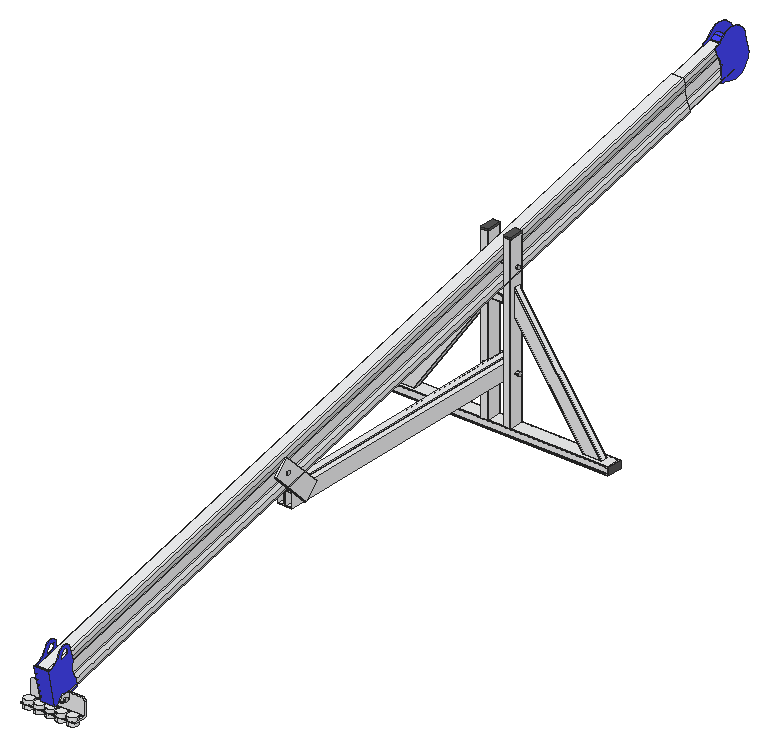
Revit family "FallProtection_RopeAccessNeedle_Kattsafe_800AFrame", category Specialty Equipment, Revit 2025
Family settings
  Round Connector Dimension = Use Diameter
  Part Type = Normal
  OmniClass Number = 23.27.71.21
  Work Plane-Based = No
  Enable Cutting in Views = No
  Always vertical = Yes
  Cut with Voids When Loaded = No
  Maintain Annotation Orientation = No
  Shared = No
  Room Calculation Point = No
Parameters (values of type "1800 Cantilever - Horizontal Trolley (OH408.1800 + OH448A)")
  Uniclass2015Version = "Products v1.23"
  Uniclass2015Title = "Davit arms"
  Uniclass2015Code = "Pr_40_70_75_21"
  URL = "https://kattsafe.com.au/"
  Type IFC Predefined Type = "USERDEFINED"
  Type Comments = "800mm A-Frame - 1800mm Extension - Horizontal Trolley Rear Attachment"
  TrolleyAlignOffset = 15 mm
  SafetyDisclaimer [instance] = "WARNING! The correct placement of access, fall protection and facade maintenance systems is critical to ensure it is fit-for-purpose and safe for the operator to use. Did you know Kattsafe® have a dedicated team of Height Safety System Design Specialists? Kattsafe® provide one-on-one consultation and system design assistance to ensure you are meeting the stringent requirements of height safety and to give you PEACE OF MIND with your project."  # constant formula
  RearBeamFixingPointCalc = RearBeamHeight / 2 - 20 mm  # 75 mm
  RearBeamWidth = if(ExtendableBoom, 70 mm, 60 mm)  # 70 mm
  RearBeamHeight = if(ExtendableBoom, 190 mm, 180 mm)  # 190 mm
  RearBeamAngledHeightCalc = RearBeamHeight - 20 mm  # 170 mm
  RearAttachmentType = Rearattachment_Kattsafe_Needle : Horizontal Trolley (OH448A)
  ModifiedIssue = 20240430
  Model = "OH408.18 + OH448A"
  Material = Aluminum_Kattsafe_Satin
  ManufacturerURLProductSpecific = "https://kattsafe.com.au/products/davits-needles/needles"
  ManufacturerSpecCode = Model  # "OH408.18 + OH448A"
  ManufacturerOverallWidth = 1217 mm  # constant formula
  ManufacturerHeightFromFFL [instance] = 0 mm
  Manufacturer = "Kattsafe®"  # constant formula
  MainBoomCenterExtension = if([1500Extension], 995 mm, if([1800Extension], 1224 mm, 0 mm))  # 1224 mm
  IfcExportType = "USERDEFINED"
  IfcExportAs = "IfcBuildingElementProxyType"
  NeedleFullyRetracted [instance] = not(NeedleFullyExtended)  # yes
  NeedleFullyExtended [instance] = no
  FramePinHeight = 806 mm  # constant formula
  RearFixingHeight = 42 mm
  ExtendedBraceLengthCalc = if(1 = 1, BraceLength - 50 mm, 0 mm)  # 1450 mm
  ExtendableBoom = not([1200Extension])  # yes
  Export Type to IFC As = "IfcBuildingElementProxyType"
  ElementType = "Fall Protection"
  DesiredHeightOffset [instance] = 806 mm
  DesiredBackspanLength [instance] = 3000 mm
  Description = "Kattsafe needles are designed for rope access on roofs where the load needs to be spread to avoid damaging the roof area, and for roofs with no parapets."  # constant formula
  Default Elevation = 0 mm
  CreatedByURL = "https://igsgroup.com.au"
  CreatedBy = "IGS BIM Solutions"  # constant formula
  CantileverSizeSelector = 3
  BracePinHeight = 252 mm  # constant formula
  BraceLength = if([1500Extension], 1200 mm, if([1800Extension], 1500 mm, 1000 mm))  # 1500 mm
  Assembly Code = "E1090100"
  ActualHeightOffset [instance] = if(DesiredHeightOffset < RearFixingHeight + (RearBeamHeight / 2), RearFixingHeight + (RearBeamHeight / 2), DesiredHeightOffset)  # 806 mm
  ActualCantileverLength [instance] = if([1200Extension], 1250 mm, if(and([1500Extension], NeedleFullyRetracted), 1290 mm, if(and([1500Extension], NeedleFullyExtended), 1540 mm, if(and([1800Extension], NeedleFullyRetracted), 1570 mm, 1820 mm))))  # 1570 mm
  ActualBackspanLength [instance] = if(DesiredBackspanLength < ActualCantileverLength * 1.5, ActualCantileverLength * 1.5, if(DesiredBackspanLength > 6000 mm, 6000 mm, DesiredBackspanLength))  # 3000 mm
  1800Extension = CantileverSizeSelector > 2  # yes
  1500Extension = CantileverSizeSelector = 2  # no
  1200Extension = CantileverSizeSelector < 2  # no
Reference planes
  plane 1 "Center (Front/Back)": y = 0
  plane 2 "Ref. Level": z = 0
  plane 3 "Center (Left/Right)": x = 0
  plane 4 "Left": x = -608.5
  plane 5 "Right": x = 608.5
  plane 6 "FrameBottom": z = 0
  plane 7 "PivotCentre": z = 806
  plane 8 "ActualHeightOffset": z = 0
  plane 9 "DesiredBackspan": y = -3000
  plane 10 "ActualBackspan": y = -3000
  plane 11 "RearFixingPoint": z = 42
  plane 12 "RearMountAlignVertical": z = 0
  plane 13 "StandFront": y = 40
  plane 14 "StandBack": y = -40
  plane 15 "BaseTop": z = 44.5
  plane 16 "BaseBtm": z = 6
  plane 17 "LeftVertical1": x = -79.5
  plane 18 "LeftVertical2": x = -41
  plane 19 "RightVertical1": x = 41
  plane 20 "RightVertical2": x = 79.5
  plane 21 "FrameTop1": z = 671
  plane 22 "FrameBottom1": z = 632.5
  plane 23 "FrameTopOffset": z = 950.5
  plane 24 "FrameTop": z = 959
  plane 25 "BracePin": z = 296.5
  plane 26 "LeftFrameOffset": x = -600
  plane 27 "RightFrameOffset": x = 600
  plane 28 "Ref": z = 561
  plane 29 "BottomReference": z = -5
  plane 30 "RearMountAlignHorizontal": y = -2985
Forms (mm)
  Extrusion 1, solid, material "Aluminum_Kattsafe_Satin" <- "Material"
    sketch origin (94.8, 0, 0) x (0, -1, 0) y (0, 0, 1)
      loop
        arc (-37, 44.5) -> (-39.121, 43.621) -> (-40, 41.5) r 3
        line (-40, 41.5) -> (-40, 9)
        arc (-40, 9) -> (-39.121, 6.879) -> (-37, 6) r 3
        line (-37, 6) -> (37, 6)
        arc (37, 6) -> (39.121, 6.879) -> (40, 9) r 3
        line (40, 9) -> (40, 41.5)
        arc (40, 41.5) -> (39.121, 43.621) -> (37, 44.5) r 3
        line (37, 44.5) -> (-37, 44.5)
    from -505.2 to 694.8
  Extrusion 2, solid, material "Plastic_Kattsafe_Black"
    sketch origin (-255.75, 154.25, 0) x (0, 1, 0) y (0, 0, -1)
      loop
        arc (-117.25, -44.5) -> (-115.129, -43.621) -> (-114.25, -41.5) r 3
        line (-114.25, -41.5) -> (-114.25, -9)
        arc (-114.25, -9) -> (-115.129, -6.879) -> (-117.25, -6) r 3
        line (-117.25, -6) -> (-191.25, -6)
        arc (-191.25, -6) -> (-193.371, -6.879) -> (-194.25, -9) r 3
        line (-194.25, -9) -> (-194.25, -41.5)
        arc (-194.25, -41.5) -> (-193.371, -43.621) -> (-191.25, -44.5) r 3
        line (-191.25, -44.5) -> (-117.25, -44.5)
    from 344.25 to 352.75
  Extrusion 3, solid, material "Rubber_Kattsafe_Black"
    sketch origin (0, 0, 0) x (1, 0, 0) y (0, 1, 0)
      loop
        line (600, 37.5) -> (-600, 37.5) -> (-600, -37.5) -> (600, -37.5) -> (600, 37.5)
    from 0 to 6
  Extrusion 4, solid, material "Aluminum_Kattsafe_Satin" <- "Material"
    sketch origin (94.8, 0, 200) x (0, -1, 0) y (0, 0, 1)
      loop
        arc (-37, 471) -> (-39.121, 470.121) -> (-40, 468) r 3
        line (-40, 468) -> (-40, 435.5)
        arc (-40, 435.5) -> (-39.121, 433.379) -> (-37, 432.5) r 3
        line (-37, 432.5) -> (37, 432.5)
        arc (37, 432.5) -> (39.121, 433.379) -> (40, 435.5) r 3
        line (40, 435.5) -> (40, 468)
        arc (40, 468) -> (39.121, 470.121) -> (37, 471) r 3
        line (37, 471) -> (-37, 471)
    from 53.8 to 135.8
  Extrusion 5, solid, material "Steel_Stainless_Kattsafe_Satin"
    sketch origin (0, 0, 0) x (0, 1, 0) y (0, 0, 1)
      loop
        circle (0, 806) r 8
    from -94 to 94
  Extrusion 6, solid, material "Aluminum_Kattsafe_Satin" <- "Material"
    sketch origin (525.25, 0, 620.05) x (-1, 0, 0) y (0, -1, 0)
      loop
        line (604.75, -37) -> (604.75, 37)
        arc (604.75, 37) -> (603.871, 39.121) -> (601.75, 40) r 3
        line (601.75, 40) -> (569.25, 40)
        arc (569.25, 40) -> (567.129, 39.121) -> (566.25, 37) r 3
        line (566.25, 37) -> (566.25, -37)
        arc (566.25, -37) -> (567.129, -39.121) -> (569.25, -40) r 3
        line (569.25, -40) -> (601.75, -40)
        arc (601.75, -40) -> (603.871, -39.121) -> (604.75, -37) r 3
      loop
        arc (445.75, -37) -> (446.629, -39.121) -> (448.75, -40) r 3
        line (448.75, -40) -> (481.25, -40)
        arc (481.25, -40) -> (483.371, -39.121) -> (484.25, -37) r 3
        line (484.25, -37) -> (484.25, 37)
        arc (484.25, 37) -> (483.371, 39.121) -> (481.25, 40) r 3
        line (481.25, 40) -> (448.75, 40)
        arc (448.75, 40) -> (446.629, 39.121) -> (445.75, 37) r 3
        line (445.75, 37) -> (445.75, -37)
    from -575.55 to 330.45
  Extrusion 7, solid, material "Plastic_Kattsafe_Black"
    sketch origin (525.25, 0, 645.05) x (-1, 0, 0) y (0, -1, 0)
      loop
        line (604.75, -37) -> (604.75, 37)
        arc (604.75, 37) -> (603.871, 39.121) -> (601.75, 40) r 3
        line (601.75, 40) -> (569.25, 40)
        arc (569.25, 40) -> (567.129, 39.121) -> (566.25, 37) r 3
        line (566.25, 37) -> (566.25, -37)
        arc (566.25, -37) -> (567.129, -39.121) -> (569.25, -40) r 3
        line (569.25, -40) -> (601.75, -40)
        arc (601.75, -40) -> (603.871, -39.121) -> (604.75, -37) r 3
      loop
        arc (445.75, -37) -> (446.629, -39.121) -> (448.75, -40) r 3
        line (448.75, -40) -> (481.25, -40)
        arc (481.25, -40) -> (483.371, -39.121) -> (484.25, -37) r 3
        line (484.25, -37) -> (484.25, 37)
        arc (484.25, 37) -> (483.371, 39.121) -> (481.25, 40) r 3
        line (481.25, 40) -> (448.75, 40)
        arc (448.75, 40) -> (446.629, 39.121) -> (445.75, 37) r 3
        line (445.75, 37) -> (445.75, -37)
    from 305.45 to 313.95
  Extrusion 8, void
    sketch origin (0, 0, 0) x (0, 1, 0) y (0, 0, 1)
      loop
        circle (0, 806) r 9
      loop
        circle (0, 296.5) r 9
    from -79.5 to 79.5
  Extrusion 9, solid, material "Plastic_Kattsafe_Black"
    sketch origin (255.75, 154.25, 0) x (0, 1, 0) y (0, 0, 1)
      loop
        line (-117.25, 44.5) -> (-191.25, 44.5)
        arc (-191.25, 44.5) -> (-193.371, 43.621) -> (-194.25, 41.5) r 3
        line (-194.25, 41.5) -> (-194.25, 9)
        arc (-194.25, 9) -> (-193.371, 6.879) -> (-191.25, 6) r 3
        line (-191.25, 6) -> (-117.25, 6)
        arc (-117.25, 6) -> (-115.129, 6.879) -> (-114.25, 9) r 3
        line (-114.25, 9) -> (-114.25, 41.5)
        arc (-114.25, 41.5) -> (-115.129, 43.621) -> (-117.25, 44.5) r 3
    from 344.25 to 352.75
  Sweep 10, solid, material "Aluminum_Kattsafe_Satin" <- "Material"
    path origin (-2.472, 0, 0) x (1, 0, 0) y (0, 0, 1)
      loop
        line (-9.181, 671) -> (-482.522, -5)
    profile origin (-248.323, 0, 333) x (0.819152, 0, -0.573576) y (0, -1, 0)
      loop
        arc (-3, -19.25) -> (-0.879, -18.371) -> (0, -16.25) r 3
        line (0, -16.25) -> (0, 16.25)
        arc (0, 16.25) -> (-0.879, 18.371) -> (-3, 19.25) r 3
        line (-3, 19.25) -> (-77, 19.25)
        arc (-77, 19.25) -> (-79.121, 18.371) -> (-80, 16.25) r 3
        line (-80, 16.25) -> (-80, -16.25)
        arc (-80, -16.25) -> (-79.121, -18.371) -> (-77, -19.25) r 3
        line (-77, -19.25) -> (-3, -19.25)
  Sweep 11, solid, material "Aluminum_Kattsafe_Satin" <- "Material"
    path origin (2.5, 0, 0) x (-1, 0, 0) y (0, 0, 1)
      loop
        line (-9.181, 671) -> (-482.522, -5)
    profile origin (248.352, 0, 333) x (0.819152, 0, 0.573576) y (0, -1, 0)
      loop
        line (3, -19.25) -> (77, -19.25)
        arc (77, -19.25) -> (79.121, -18.371) -> (80, -16.25) r 3
        line (80, -16.25) -> (80, 16.25)
        arc (80, 16.25) -> (79.121, 18.371) -> (77, 19.25) r 3
        line (77, 19.25) -> (3, 19.25)
        arc (3, 19.25) -> (0.879, 18.371) -> (0, 16.25) r 3
        line (0, 16.25) -> (0, -16.25)
        arc (0, -16.25) -> (0.879, -18.371) -> (3, -19.25) r 3
  Extrusion 12, void
    sketch origin (0, 0, 0) x (1, 0, 0) y (0, 1, 0)
      loop
        line (-79.5, 40) -> (-79.5, -40) -> (79.5, -40) -> (79.5, 40) -> (-79.5, 40)
    from 544.556 to 806
  Extrusion 13, void
    sketch origin (0, 0, 0) x (1, 0, 0) y (0, 1, 0)
      loop
        line (-600, 40) -> (-600, -40) -> (600, -40) -> (600, 40) -> (-600, 40)
    from -5 to 44.5
Cuts and joins
  Extrusion 8 cuts Extrusion 6
  Extrusion 12, Extrusion 13 cuts Sweep 11
  Extrusion 12, Extrusion 13 cuts Sweep 10
Lines and regions (mm)
  Masking region 1
    outline origin (0, 0, 0) x (1, 0, 0) y (0, 1, 0)
      loop
        line (-608.5, -40) -> (-35, -40) -> (-35, 40) -> (-608.5, 40) -> (-608.5, -40)
      loop
        line (608.5, 40) -> (35, 40) -> (35, -40) -> (608.5, -40) -> (608.5, 40)
  Masking region 2
    outline origin (0, 0, 0) x (1, 0, 0) y (0, 1, 0)
      loop
        line (-35, 1193.111) -> (-35, -3070.118) -> (35, -3070.118) -> (35, 1193.111) -> (-35, 1193.111)
  Masking region 3
    outline origin (704.8, 675.2, 0) x (1, 0, 0) y (0, 1, 0)
      loop
        line (-734.8, 855.179) -> (-734.8, 517.911) -> (-674.8, 517.911) -> (-674.8, 855.179) -> (-734.8, 855.179)
  Masking region 4, detail levels medium+fine
    outline origin (0, 25.955, 0) x (1, 0, 0) y (0, 1, 0)
      loop
        line (-35.45, 1571.424) -> (-35.45, 1381.424) -> (-30, 1381.424) -> (-30, 1571.424) -> (-35.45, 1571.424)
      loop
        line (35.3, 1571.424) -> (30, 1571.424) -> (30, 1381.424) -> (35.3, 1381.424) -> (35.3, 1571.424)
  Masking region 5
    outline origin (0, 0, 0) x (1, 0, 0) y (0, 1, 0)
      loop
        line (-35, -2928.118) -> (-39, -2928.118) -> (-39, -3078.118) -> (39, -3078.118) -> (39, -2928.118) -> (35, -2928.118) -> (35, -3074.324) -> (-35, -3074.324) -> (-35, -2928.118)
  symbolic lines, style "Fall Arrest Systems"
    curve 1: line (-79.5, 40, 0) -> (-79.5, -40, 0)
    curve 2: line (-41, -40, 0) -> (-41, 40, 0)
    curve 3: line (41, -40, 0) -> (41, 40, 0)
    curve 4: line (79.5, 40, 0) -> (79.5, -40, 0)
    curve 16: line (-600, 40, 0) -> (-600, -40, 0)
    curve 17: line (600, 40, 0) -> (600, -40, 0)
  reference lines
    curve 5: line (0, 16.743, 732.893) -> (0, 0, 806)
    curve 6: line (0, 16.743, 732.893) -> (0, -3000, 42)
    curve 7: line (0, -3000, 42) -> (0, -3005.017, 63.905)
    curve 8: line (0, 0, 806) -> (0, 1530.379, 1156.486)
    curve 9: line (0, 1530.379, 1156.486) -> (0, 1524.798, 1180.856)
    curve 10: line (0, 1193.111, 1079.245) -> (0, 1186.413, 1108.488)
    curve 12: line (0, -3000, 42) -> (0, -3032.167, 34.633)
    curve 13: line (0, -3032.167, 34.633) -> (0, -3070.118, 200.343)
    curve 14: line (0, 0, 296.5) -> (0, -1449.971, 305.596)
    curve 15: line (0, 0, 296.5) -> (0, 0.188, 326.499)
  symbolic lines, style "Fall Arrest Systems", visible <- "ExtendableBoom"
    curve 11: line (-35, 1193.111, 0) -> (35, 1193.111, 0)
Text (mm)
  text "Disclaimer:\nDue to ongoing product development and manufacturing \nevolution, product details are subject to change without \nnotice. Please refer to product technical data sheets on \nthe manufacturers website for the most current product \ninformation. Please allow a +/- 5mm manufacturing \ntolerance for dimensions and set-outs shown in product \nliterature." at (1592.109, -111.005, 0), in view "Ref. Level"
Dimensions and locks
  equal spacing: plane 4 "Left", plane 3 "Center (Left/Right)", plane 5 "Right"
  "ManufacturerOverallWidth": plane 4 "Left" to plane 5 "Right"
  "ManufacturerHeightFromFFL": plane 6 "FrameBottom" to plane 2 "Ref. Level"
  "FramePinHeight": plane 6 "FrameBottom" to plane 7 "PivotCentre"
  "RearFixingHeight": plane 11 "RearFixingPoint" to plane 8 "ActualHeightOffset"
  "ActualBackspanLength": plane 1 "Center (Front/Back)" to plane 10 "ActualBackspan"
  "ActualHeightOffset": plane 7 "PivotCentre" to plane 8 "ActualHeightOffset"
  "DesiredBackspanLength": plane 1 "Center (Front/Back)" to plane 9 "DesiredBackspan"
  "DesiredHeightOffset": plane 7 "PivotCentre" to plane 12 "RearMountAlignVertical"
  Masking region 2 sketch curve to plane 10 "ActualBackspan" = 70.118 mm
  plane 14 "StandBack" to plane 1 "Center (Front/Back)" to plane 13 "StandFront" = 40 mm locked, 40 mm locked
  locked: plane 16 "BaseBtm" to plane 6 "FrameBottom" at 6
  locked: plane 15 "BaseTop" to plane 16 "BaseBtm" at 38.5
  plane 17 "LeftVertical1" to plane 18 "LeftVertical2" to plane 3 "Center (Left/Right)" = 38.5 mm locked, 41 mm locked
  plane 3 "Center (Left/Right)" to plane 19 "RightVertical1" to plane 20 "RightVertical2" = 41 mm locked, 38.5 mm locked
  locked: plane 22 "FrameBottom1" to plane 21 "FrameTop1" at 38.5
  locked: plane 15 "BaseTop" to plane 22 "FrameBottom1" at 588
  locked: plane 23 "FrameTopOffset" to plane 24 "FrameTop" at 8.5
  locked: plane 15 "BaseTop" to plane 23 "FrameTopOffset" at 906
  "RearBeamFixingPointCalc": curve 6 to curve 8
  "ActualCantileverLength": plane 7 "PivotCentre" to curve 9
  equal spacing: Masking region 2 sketch curve, plane 3 "Center (Left/Right)", Masking region 2 sketch curve
  "RearBeamWidth": Masking region 2 sketch curve to Masking region 2 sketch curve
  locked: Masking region 3 sketch curve to Masking region 3 sketch curve at 60
  equal spacing: Masking region 3 sketch curve, plane 3 "Center (Left/Right)", Masking region 3 sketch curve
  Masking region 4 sketch curve to Masking region 4 sketch curve = 190 mm
  "MainBoomCenterExtension": curve 5 to curve 10
  locked: curve 9 to Masking region 4 sketch curve at 67
  equal spacing: Masking region 1 sketch curve, plane 3 "Center (Left/Right)", Masking region 1 sketch curve
  "RearBeamWidth": Masking region 1 sketch curve to Masking region 1 sketch curve
  locked: curve 13 to curve 7 at 33
  "RearBeamAngledHeightCalc": curve 13 to curve 13
  locked: Masking region 5 sketch curve to Masking region 5 sketch curve at 150
  locked: Masking region 5 sketch curve to Masking region 5 sketch curve at 3.794
  locked: Masking region 5 sketch curve to Masking region 5 sketch curve at 4  (x2)
  equal spacing: Masking region 5 sketch curve, plane 3 "Center (Left/Right)", Masking region 5 sketch curve
  "RearBeamWidth": Masking region 5 sketch curve to Masking region 5 sketch curve
  locked: curve 13 to Masking region 5 sketch curve at 8
  "BracePinHeight": plane 25 "BracePin" to plane 15 "BaseTop"
  "ExtendedBraceLengthCalc": curve 14 to curve 14
  locked: curve 8 to curve 14 at 164.084
  locked: plane 4 "Left" to plane 26 "LeftFrameOffset" at 8.5
  locked: plane 27 "RightFrameOffset" to plane 5 "Right" at 8.5
  locked: plane 21 "FrameTop1" to plane 28 "Ref" at 110
  locked: plane 6 "FrameBottom" to plane 29 "BottomReference" at 5
  "TrolleyAlignOffset": plane 30 "RearMountAlignHorizontal" to plane 10 "ActualBackspan"
  radius of Extrusion 1 sketch curve = 3 mm  (x4)
  radius of Extrusion 2 sketch curve = 3 mm  (x4)
  radius of Extrusion 4 sketch curve = 3 mm  (x4)
  radius of Extrusion 5 sketch curve = 8 mm
  radius of Extrusion 6 sketch curve = 3 mm  (x7)
  radius of Extrusion 7 sketch curve = 3 mm  (x7)
  radius of Extrusion 8 sketch curve = 9 mm
  radius of Extrusion 9 sketch curve = 3 mm  (x4)
  locked: curve 6 to curve 5 (angle 90.00°)
  locked: curve 7 to curve 6 (angle 90.00°)
  locked: curve 8 to curve 5 (angle 90.00°)
  locked: curve 8 to curve 9 (angle 90.00°)
  locked: curve 8 to curve 10 (angle 90.00°)
  locked: curve 12 to curve 7 (angle 90.00°)
  locked: curve 13 to curve 12 (angle 90.00°)
  locked: curve 14 to curve 15 (angle 90.00°)
  locked: plane 6 "FrameBottom" to Sweep 10 sketch curve (angle 55.00°)
  locked: Sweep 11 sketch curve to plane 6 "FrameBottom" (angle 55.00°)
  aligned and locked: level to plane 2 "Ref. Level"
  aligned and locked: Masking region 1 sketch curve to plane 5 "Right"
  aligned and locked: plane 4 "Left" to Masking region 1 sketch curve
  aligned and locked: Masking region 1 to Masking region 1  (x2)
  aligned and locked: Masking region 1 to curve 1  (x2)
  aligned and locked: Masking region 1 to curve 2  (x2)
  aligned and locked: Masking region 1 to curve 3
  aligned and locked: Masking region 1 to curve 4
  aligned and locked: curve 3 to Masking region 1
  aligned and locked: Extrusion 1 sketch curve to plane 13 "StandFront"
  aligned and locked: plane 14 "StandBack" to Extrusion 1 sketch curve
  aligned and locked: plane 15 "BaseTop" to Extrusion 1 sketch curve
  aligned and locked: Extrusion 1 sketch curve to plane 16 "BaseBtm"
  aligned and locked: Extrusion 2 sketch curve to plane 16 "BaseBtm"
  aligned and locked: plane 15 "BaseTop" to Extrusion 2 sketch curve
  aligned and locked: Extrusion 3 to plane 16 "BaseBtm"
  aligned and locked: Extrusion 3 to plane 6 "FrameBottom"
  aligned and locked: plane 21 "FrameTop1" to Extrusion 4 sketch curve
  aligned and locked: Extrusion 4 sketch curve to plane 22 "FrameBottom1"
  aligned and locked: Extrusion 4 sketch curve to plane 13 "StandFront"
  aligned and locked: plane 14 "StandBack" to Extrusion 4 sketch curve
  aligned and locked: Extrusion 4 to plane 18 "LeftVertical2"
  aligned and locked: plane 19 "RightVertical1" to Extrusion 4
  aligned and locked: plane 7 "PivotCentre" to Extrusion 5 sketch curve
  aligned and locked: plane 1 "Center (Front/Back)" to Extrusion 5 sketch curve
  aligned and locked: plane 13 "StandFront" to Extrusion 6 sketch curve
  aligned and locked: Extrusion 6 sketch curve to plane 14 "StandBack"
  aligned and locked: Extrusion 6 sketch curve to plane 17 "LeftVertical1"
  aligned and locked: plane 18 "LeftVertical2" to Extrusion 6 sketch curve
  aligned and locked: Extrusion 6 sketch curve to plane 20 "RightVertical2"
  aligned and locked: plane 19 "RightVertical1" to Extrusion 6 sketch curve
  aligned and locked: Extrusion 6 sketch curve to plane 13 "StandFront"
  aligned and locked: plane 14 "StandBack" to Extrusion 6 sketch curve
  aligned and locked: plane 15 "BaseTop" to Extrusion 6
  aligned and locked: Extrusion 6 to plane 23 "FrameTopOffset"
  aligned and locked: plane 23 "FrameTopOffset" to Extrusion 7
  aligned and locked: plane 18 "LeftVertical2" to Extrusion 7 sketch curve
  aligned and locked: Extrusion 7 sketch curve to plane 17 "LeftVertical1"
  aligned and locked: plane 19 "RightVertical1" to Extrusion 7 sketch curve
  aligned and locked: Extrusion 7 sketch curve to plane 20 "RightVertical2"
  aligned and locked: Extrusion 7 sketch curve to plane 13 "StandFront"
  aligned and locked: plane 13 "StandFront" to Extrusion 7 sketch curve
  aligned and locked: plane 14 "StandBack" to Extrusion 7 sketch curve
  aligned and locked: Extrusion 7 sketch curve to plane 14 "StandBack"
  aligned and locked: plane 1 "Center (Front/Back)" to Extrusion 8 sketch curve  (x2)
  aligned and locked: plane 7 "PivotCentre" to Extrusion 8 sketch curve
  aligned and locked: Extrusion 8 to plane 17 "LeftVertical1"
  aligned and locked: plane 20 "RightVertical2" to Extrusion 8
  aligned and locked: Extrusion 7 to plane 24 "FrameTop"
  aligned and locked: nested 1 to curve 6
  aligned and locked: curve 7 to plane 10 "ActualBackspan"
  aligned and locked: plane 10 "ActualBackspan" to nested 2
  aligned and locked: nested 2 to plane 3 "Center (Left/Right)"
  aligned and locked: nested 1 to curve 9
  aligned and locked: nested 1 to curve 7
  aligned and locked: plane 8 "ActualHeightOffset" to nested 2
  aligned and locked: Masking region 4 sketch curve to Masking region 4 sketch curve  (x2)
  aligned and locked: Masking region 2 sketch curve to curve 10
  aligned and locked: Masking region 3 sketch curve to curve 9
  aligned and locked: Masking region 3 to curve 10
  aligned and locked: curve 11 to curve 10
  aligned and locked: Masking region 2 to curve 13
  aligned and locked: Masking region 5 sketch curve to Masking region 5 sketch curve
  aligned and locked: plane 1 "Center (Front/Back)" to curve 14
  aligned and locked: plane 25 "BracePin" to curve 14
  aligned and locked: nested 3 to curve 15
  aligned and locked: plane 7 "PivotCentre" to curve 8
  aligned and locked: plane 1 "Center (Front/Back)" to curve 8
  aligned and locked: plane 14 "StandBack" to Extrusion 2 sketch curve
  aligned and locked: Extrusion 2 sketch curve to plane 13 "StandFront"
  aligned and locked: Extrusion 2 to plane 4 "Left"
  aligned and locked: Extrusion 3 sketch curve to plane 26 "LeftFrameOffset"
  aligned and locked: Extrusion 3 sketch curve to plane 27 "RightFrameOffset"
  aligned and locked: plane 13 "StandFront" to curve 16
  aligned and locked: plane 14 "StandBack" to curve 16
  aligned and locked: curve 17 to plane 14 "StandBack"
  aligned and locked: curve 17 to plane 13 "StandFront"
  aligned and locked: curve 17 to plane 27 "RightFrameOffset"
  aligned and locked: curve 16 to plane 26 "LeftFrameOffset"
  aligned and locked: plane 27 "RightFrameOffset" to Extrusion 1
  aligned and locked: Extrusion 1 to plane 26 "LeftFrameOffset"
  aligned and locked: plane 25 "BracePin" to Extrusion 8 sketch curve
  aligned and locked: plane 26 "LeftFrameOffset" to Extrusion 2
  aligned and locked: plane 15 "BaseTop" to Extrusion 9 sketch curve
  aligned and locked: Extrusion 9 sketch curve to plane 16 "BaseBtm"
  aligned and locked: plane 14 "StandBack" to Extrusion 9 sketch curve
  aligned and locked: Extrusion 9 sketch curve to plane 13 "StandFront"
  aligned and locked: Extrusion 9 to plane 27 "RightFrameOffset"
  aligned and locked: plane 5 "Right" to Extrusion 9
  aligned and locked: plane 21 "FrameTop1" to Sweep 10 sketch curve
  aligned and locked: plane 21 "FrameTop1" to Sweep 11 sketch curve
  aligned and locked: Extrusion 12 sketch curve to plane 13 "StandFront"
  aligned and locked: plane 14 "StandBack" to Extrusion 12 sketch curve
  aligned and locked: plane 17 "LeftVertical1" to Extrusion 12 sketch curve
  aligned and locked: Extrusion 12 sketch curve to plane 20 "RightVertical2"
  aligned and locked: Extrusion 12 to plane 7 "PivotCentre"
  aligned and locked: plane 29 "BottomReference" to Sweep 10 sketch curve
  aligned and locked: Sweep 11 sketch curve to plane 29 "BottomReference"
  aligned and locked: Extrusion 13 sketch curve to plane 13 "StandFront"
  aligned and locked: Extrusion 13 sketch curve to plane 14 "StandBack"
  aligned and locked: plane 26 "LeftFrameOffset" to Extrusion 13 sketch curve
  aligned and locked: Extrusion 13 sketch curve to plane 27 "RightFrameOffset"
  aligned and locked: Extrusion 13 to plane 29 "BottomReference"
  aligned and locked: Extrusion 13 to plane 15 "BaseTop"
Automatic sketch dimensions
  curve 1 to plane 17 "LeftVertical1" = 0 mm
  curve 2 to plane 18 "LeftVertical2" = 0 mm
  curve 3 to plane 19 "RightVertical1" = 0 mm
  curve 4 to plane 13 "StandFront" = 0 mm
  curve 4 to plane 20 "RightVertical2" = 0 mm
  plane 18 "LeftVertical2" to curve 11 = 6 mm
  curve 11 to plane 19 "RightVertical1" = 6 mm
  Masking region 1 sketch curve to plane 14 "StandBack" = 0 mm  (x2)
  Masking region 1 sketch curve to plane 13 "StandFront" = 0 mm  (x2)
  plane 14 "StandBack" to Extrusion 3 sketch curve = 2.5 mm
  Extrusion 3 sketch curve to plane 13 "StandFront" = 2.5 mm
  Extrusion 6 sketch curve to Extrusion 6 sketch curve = 3 mm
  Extrusion 7 sketch curve to Extrusion 7 sketch curve = 3 mm
  Masking region 3 sketch curve to Masking region 3 sketch curve = 337.268 mm
  plane 18 "LeftVertical2" to Masking region 4 sketch curve = 5.55 mm
  Masking region 4 sketch curve to Masking region 4 sketch curve = 5.45 mm
  Masking region 4 sketch curve to plane 19 "RightVertical1" = 11 mm
  Masking region 4 sketch curve to Masking region 4 sketch curve = 5.3 mm
  Sweep 10 sketch curve to plane 3 "Center (Left/Right)" = 11.653 mm
  Sweep 10 sketch curve to profile plane = 0 mm
  Sweep 10 sketch curve to Sweep 10 sketch curve = 3 mm  (x3)
  Sweep 10 sketch curve to plane 1 "Center (Front/Back)" = 16.25 mm
  Sweep 10 sketch curve to Sweep 10 sketch curve = 74 mm
  plane 1 "Center (Front/Back)" to Sweep 10 sketch curve = 16.25 mm
  Sweep 10 sketch curve to Sweep 10 sketch curve = 0 mm
  Sweep 11 sketch curve to plane 3 "Center (Left/Right)" = 11.681 mm
  Sweep 11 sketch curve to profile plane = 0 mm
  Sweep 11 sketch curve to profile plane = 3 mm
  Sweep 11 sketch curve to Sweep 11 sketch curve = 3 mm  (x2)
  plane 1 "Center (Front/Back)" to Sweep 11 sketch curve = 16.25 mm
  Sweep 11 sketch curve to Sweep 11 sketch curve = 74 mm
  Sweep 11 sketch curve to plane 1 "Center (Front/Back)" = 16.25 mm
  Sweep 11 sketch curve to Sweep 11 sketch curve = 0 mm
  plane 11 "RearFixingPoint" to curve 12 = 0 mm
  radius of Extrusion 8 sketch curve = 9 mm
Nested families
  nested 1: "Z_Fallprotection_Kattsafe_Needle_Boomextendable" at (0, 22.387, 734.185) x (1, 0, 0) z (0, -0.2232, 0.9748), type "Type 1"
    with ExtensionLengthCalc 340.21 mm, CantileverLength 1564.21 mm, BackspanLength 3100.636 mm
  nested 2: "Rearattachment_Kattsafe_Needle" at (0, -3000, 0), type <- "RearAttachmentType", Material <- "Material", type "Horizontal Trolley (OH448A)"
    with Material Aluminum_Kattsafe_Satin
  nested 3: "Z_Fallprotection_Kattsafe_Needle_Brace" at (0, 0, 296.5) x (0, -1, 0.0063) z (0, 0.0063, 1), Length <- "BraceLength", type "Type 1"
    with Length 1500 mm
Definition of nested family "Z_Fallprotection_Kattsafe_Needle_Boomextendable"
  Parameters (values of type "Type 1")
    URL = "https://kattsafe.com.au/"
    Material = none
    Manufacturer = "SAYFA"  # constant formula
    MainBoomCenterOffsetCalc = 1224 mm
    ExtensionLengthCalc [instance] = if(ExtendableBoom, CantileverLength - MainBoomCenterOffsetCalc, CantileverLength + BackspanLength + 33 mm)  # 41 mm
    ExtensionBoomBtmOffset = if(ExtendableBoom, 15 mm, 20 mm)  # 15 mm
    ExtendableBoom = yes
    EndHeight = if(ExtendableBoom, 190 mm, 180 mm)  # 190 mm
    EndHalfHeightCalc = if(1 = 1, EndHeight / 2, 0 mm)  # 95 mm
    EndDepthCalc = if(ExtendableBoom, 70 mm, 60 mm)  # 70 mm
    Default Elevation = 1219.2 mm
    CreatedByURL = "https://igsgroup.com.au"
    CreatedBy = "IGS BIM Solutions"  # constant formula
    CantileverLength [instance] = 1265 mm
    BackspanLength [instance] = 3508.654 mm
  Reference planes
    plane 1 "Center (Front/Back)": y = 0
    plane 2: z = 0
    plane 3 "Center (Left/Right)": x = 0
    plane 4: y = 1233
    plane 5: y = -3541.654
    plane 6: y = 1178
    plane 7: y = 1332.005
    plane 8 "CantileverEnd": y = 1265
    plane 9: y = -3508.654
    plane 10 "ExtensionEnd": y = 1224
    plane 11: y = 1224
    plane 12: x = -35
    plane 13: x = 35
    plane 14: x = -39
    plane 15: x = 39
    plane 16 "ExtensionBoomBtm": z = -15
    plane 17 "ExtensionCenter": z = 75
    plane 18: z = 170
    plane 19 "RearBoomBtm": z = -20
    plane 20: x = -35
    plane 21: x = 35
    plane 22: x = -39
    plane 23: x = 39
  Forms (mm)
    Extrusion 1, solid
      sketch origin (0, 0, 0) x (1, 0, 0) y (0, 1, 0)
        loop
          line (-1219.2, 1219.2) -> (-1219.2, -1219.2) -> (1219.2, -1219.2) -> (1219.2, 1219.2) -> (-1219.2, 1219.2)
      from 0 to -304.8
    Extrusion 2, solid
      sketch origin (0, 0, 0) x (0, 1, 0) y (0, 0, 1)
        loop
          arc (1239.878, -17.548) -> (1265, 74.681) -> (1240.191, 166.995) r 183
          arc (1240.191, 166.995) -> (1228.129, 177.446) -> (1212.17, 177.53) r 23
          line (1212.17, 177.53) -> (1187.361, 168.502) -> (1184, 168.502) -> (1184, 165) -> (1233, 165) -> (1233, -15) -> (1184, -15) -> (1184, -18.503) -> (1187.361, -18.503) -> (1212.17, -27.531)
          arc (1212.17, -27.531) -> (1227.831, -27.556) -> (1239.878, -17.548) r 23
      from -30 to 30
    Extrusion 3, void
      sketch origin (0, 0, 0) x (1, 0, 0) y (0, 1, 0)
        loop
          line (-35, -3391.654) -> (-35, -3545.654) -> (35, -3545.654) -> (35, -3391.654) -> (-35, -3391.654)
      from -52.349 to 243.511
    Extrusion 4, solid
      sketch origin (0, -0.009, 75) x (0, 1, 0) y (0, 0, 1)
        loop
          arc (-3399.655, 115.006) -> (-3423.343, 148.835) -> (-3463.233, 138.145) r 36
          line (-3463.233, 138.145) -> (-3478.451, 120.008)
          arc (-3478.451, 120.008) -> (-3502.491, 101.559) -> (-3532.076, 95) r 70
          line (-3532.076, 95) -> (-3549.644, 95) -> (-3549.644, -95) -> (-3409.644, -95)
          arc (-3409.644, -95) -> (-3402.573, -92.071) -> (-3399.644, -85) r 10
          line (-3399.644, -85) -> (-3399.644, -55.643)
          arc (-3399.644, -55.643) -> (-3399.921, -53.305) -> (-3400.738, -51.096) r 10
          arc (-3400.738, -51.096) -> (-3412.939, -5.182) -> (-3400.922, 40.78) r 93.193
          arc (-3400.922, 40.78) -> (-3399.977, 43.135) -> (-3399.655, 45.653) r 10
          line (-3399.655, 45.653) -> (-3399.655, 115.006)
        loop
          line (-3450.976, 127.861) -> (-3464.764, 111.427)
          arc (-3464.764, 111.427) -> (-3466.166, 100.773) -> (-3457.103, 95) r 10
          line (-3457.103, 95) -> (-3425.655, 95)
          arc (-3425.655, 95) -> (-3418.584, 97.929) -> (-3415.655, 105) r 10
          line (-3415.655, 105) -> (-3415.655, 115.006)
          arc (-3415.655, 115.006) -> (-3428.815, 133.8) -> (-3450.976, 127.861) r 20
      from -39 to 39
    Extrusion 5, solid
      sketch origin (0, -65, -4.995) x (0, 1, 0) y (0, 0, 1)
        loop
          line (1397.005, 39.379) -> (1397.005, 120.61)
          arc (1397.005, 120.61) -> (1342.009, 202.909) -> (1244.676, 184.916) r 90
          arc (1244.676, 184.916) -> (1235.094, 178.728) -> (1223.896, 176.559) r 30
          line (1223.896, 176.559) -> (1217, 176.559)
          arc (1217, 176.559) -> (1209.929, 173.63) -> (1207, 166.559) r 10
          line (1207, 166.559) -> (1207, 153.246)
          arc (1207, 153.246) -> (1207.657, 147.004) -> (1209.598, 141.035) r 30
          arc (1209.598, 141.035) -> (1222.585, 79.991) -> (1209.605, 18.945) r 150
          arc (1209.605, 18.945) -> (1207.686, 13.078) -> (1207.009, 6.942) r 30
          line (1207.009, 6.942) -> (1207.009, -6.578)
          arc (1207.009, -6.578) -> (1209.908, -13.619) -> (1216.924, -16.578) r 10
          line (1216.924, -16.578) -> (1223.91, -16.578)
          arc (1223.91, -16.578) -> (1235.106, -18.745) -> (1244.684, -24.934) r 30
          arc (1244.684, -24.934) -> (1342.014, -42.917) -> (1397.005, 39.379) r 90
      from -35.45 to 35.3
    Extrusion 6, void
      sketch origin (0, 0, 0) x (1, 0, 0) y (0, 1, 0)
        loop
          line (-30, 1332.005) -> (-30, 1130.687) -> (30, 1130.687) -> (30, 1332.005) -> (-30, 1332.005)
      from -97.27 to 250
    Sweep 7, solid, material <- "Material"
      path origin (0, 0, -15) x (-1, 0, 0) y (0, -1, 0)
        loop
          line (0, -1233) -> (0, -1224)
      profile origin (0, 1228.5, -15) x (1, 0, 0) y (0, 0, 1)
        loop
          line (-30, 176) -> (-30, 149.763) -> (-21.749, 127.093)
          arc (-21.749, 127.093) -> (-20.441, 122.211) -> (-20, 117.175) r 29
          line (-20, 117.175) -> (-20, 62.825)
          arc (-20, 62.825) -> (-20.441, 57.789) -> (-21.749, 52.907) r 29
          line (-21.749, 52.907) -> (-30, 30.237) -> (-30, 4)
          arc (-30, 4) -> (-28.828, 1.172) -> (-26, 0) r 4
          line (-26, 0) -> (26, 0)
          arc (26, 0) -> (28.828, 1.172) -> (30, 4) r 4
          line (30, 4) -> (30, 30.237) -> (21.749, 52.907)
          arc (21.749, 52.907) -> (20.441, 57.789) -> (20, 62.825) r 29
          line (20, 62.825) -> (20, 117.175)
          arc (20, 117.175) -> (20.441, 122.211) -> (21.749, 127.093) r 29
          line (21.749, 127.093) -> (30, 149.763) -> (30, 176)
          arc (30, 176) -> (28.828, 178.828) -> (26, 180) r 4
          line (26, 180) -> (-26, 180)
          arc (-26, 180) -> (-28.828, 178.828) -> (-30, 176) r 4
    Sweep 8, solid, material <- "Material", visible <- "ExtendableBoom"
      path origin (100.421, -3788.798, -20) x (0, 1, 0) y (-1, 0, 0)
        loop
          line (5012.798, 100.421) -> (247.144, 100.421)
      profile origin (0, -1158.827, -20) x (1, 0, 0) y (0, 0, 1)
        loop
          line (-25, 122.175) -> (-25, 67.825)
          arc (-25, 67.825) -> (-25.365, 63.657) -> (-26.447, 59.616) r 24
          line (-26.447, 59.616) -> (-35, 36.118) -> (-35, 6)
          arc (-35, 6) -> (-33.243, 1.757) -> (-29, 0) r 6
          line (-29, 0) -> (29, 0)
          arc (29, 0) -> (33.243, 1.757) -> (35, 6) r 6
          line (35, 6) -> (35, 36.118) -> (26.447, 59.616)
          arc (26.447, 59.616) -> (25.365, 63.657) -> (25, 67.825) r 24
          line (25, 67.825) -> (25, 122.175)
          arc (25, 122.175) -> (25.365, 126.343) -> (26.447, 130.384) r 24
          line (26.447, 130.384) -> (35, 153.882) -> (35, 184)
          arc (35, 184) -> (33.243, 188.243) -> (29, 190) r 6
          line (29, 190) -> (-29, 190)
          arc (-29, 190) -> (-33.243, 188.243) -> (-35, 184) r 6
          line (-35, 184) -> (-35, 153.882) -> (-26.447, 130.384)
          arc (-26.447, 130.384) -> (-25.365, 126.343) -> (-25, 122.175) r 24
  Cuts and joins
    Extrusion 3 cuts Extrusion 4
    Extrusion 6 cuts Extrusion 5
  Lines and regions (mm)
    Masking region 1
      outline origin (0, 0, 0) x (1, 0, 0) y (0, 1, 0)
        loop
          line (-25, 1233) -> (-25, 1224) -> (34, 1224) -> (34, 1233) -> (-25, 1233)
  Dimensions and locks
    plane 7 to plane 4 to plane 6 = 99.005 mm locked, 55 mm locked
    "CantileverLength": plane 8 "CantileverEnd" to plane 1 "Center (Front/Back)"
    "BackspanLength": plane 1 "Center (Front/Back)" to plane 9
    locked: plane 5 to Extrusion 3 sketch curve at 150
    locked: plane 5 to Extrusion 3 sketch curve at 4
    locked: plane 8 "CantileverEnd" to plane 4 at 32
    locked: plane 9 to plane 5 at 33
    "ExtensionLengthCalc": plane 8 "CantileverEnd" to plane 10 "ExtensionEnd"
    "MainBoomCenterOffsetCalc": plane 11 to plane 1 "Center (Front/Back)"
    locked: plane 14 to plane 12 at 4
    locked: plane 13 to plane 15 at 4
    equal spacing: plane 12, plane 3 "Center (Left/Right)", plane 13
    "EndDepthCalc": plane 12 to plane 13
    "ExtensionBoomBtmOffset": plane 16 "ExtensionBoomBtm" to plane 2
    locked: plane 16 "ExtensionBoomBtm" to plane 17 "ExtensionCenter" at 90
    Extrusion 4 sketch curve to Extrusion 4 sketch curve to Extrusion 4 sketch curve = 10 mm locked, 21.449 mm locked
    plane 18 to Extrusion 4 sketch curve to Extrusion 4 sketch curve to Extrusion 4 sketch curve to Extrusion 4 sketch curve = 10 mm locked, 0 mm locked, 10.006 mm locked, 0 mm locked
    "EndHeight": plane 19 "RearBoomBtm" to plane 18
    plane 19 "RearBoomBtm" to Extrusion 4 sketch curve to Extrusion 4 sketch curve = 10 mm locked, 29.357 mm locked
    locked: plane 2 to plane 19 "RearBoomBtm" at 20
    locked: Extrusion 4 sketch curve to plane 18 at 49.347
    equal spacing: plane 20, plane 3 "Center (Left/Right)", plane 21
    locked: plane 22 to plane 20 at 4
    locked: plane 21 to plane 23 at 4
    "EndDepthCalc": plane 20 to plane 21
    locked: Extrusion 2 sketch curve to plane 4 at 32
    Extrusion 2 sketch curve to plane 17 "ExtensionCenter" to Extrusion 2 sketch curve = 80.917 mm locked, 80.917 mm locked
    Extrusion 2 sketch curve to Extrusion 2 sketch curve to plane 17 "ExtensionCenter" to Extrusion 2 sketch curve to Extrusion 2 sketch curve = 3.503 mm locked, 90 mm locked, 90 mm locked, 3.503 mm locked
    plane 4 to Extrusion 2 sketch curve to Extrusion 2 sketch curve = 12.965 mm locked, 0 mm locked
    locked: plane 4 to Extrusion 2 sketch curve at 20.83  (x2)
    Extrusion 5 sketch curve to Extrusion 5 sketch curve to Extrusion 5 sketch curve to Extrusion 5 sketch curve to Extrusion 5 sketch curve to plane 17 "ExtensionCenter" to Extrusion 5 sketch curve to Extrusion 5 sketch curve to Extrusion 5 sketch curve to Extrusion 5 sketch curve to Extrusion 5 sketch curve = 30 mm locked, 10 mm locked, 13.315 mm locked, 33.258 mm locked, 40 mm locked, 40 mm locked, 33.252 mm locked, 13.313 mm locked, 10 mm locked, 30 mm locked
    locked: Extrusion 5 sketch curve to plane 17 "ExtensionCenter" at 0.012
    plane 7 to Extrusion 5 sketch curve to Extrusion 5 sketch curve to Extrusion 5 sketch curve to Extrusion 5 sketch curve to Extrusion 5 sketch curve to Extrusion 5 sketch curve to Extrusion 5 sketch curve to Extrusion 5 sketch curve to Extrusion 5 sketch curve to Extrusion 5 sketch curve = 89.998 mm locked, 0 mm locked, 69.998 mm locked, 0.008 mm locked, 13.091 mm locked, 0.013 mm locked, 6.887 mm locked, 0.009 mm locked, 9.991 mm locked, 0.009 mm locked
    Extrusion 6 sketch curve to Extrusion 6 sketch curve = 60 mm
    Extrusion 6 sketch curve to plane 3 "Center (Left/Right)" to Extrusion 6 sketch curve = 30 mm locked, 30 mm locked
    radius of Extrusion 4 sketch curve = 70 mm
    radius of Extrusion 4 sketch curve = 20 mm
    radius of Extrusion 4 sketch curve = 10 mm  (x5)
    radius of Extrusion 4 sketch curve = 36 mm
    radius of Extrusion 2 sketch curve = 23 mm  (x2)
    radius of Extrusion 2 sketch curve = 183 mm
    radius of Extrusion 5 sketch curve = 90 mm  (x2)
    radius of Extrusion 5 sketch curve = 150 mm
    radius of Extrusion 5 sketch curve = 10 mm  (x2)
    radius of Extrusion 5 sketch curve = 30 mm  (x4)
    aligned and locked: plane 2 to Extrusion 1
    aligned and locked: level to Extrusion 1
    aligned and locked: Extrusion 4 sketch curve to plane 18
    aligned and locked: Extrusion 4 to plane 22
    aligned and locked: plane 23 to Extrusion 4
    aligned and locked: plane 21 to Extrusion 3
    aligned and locked: Extrusion 3 to plane 20
    aligned and locked: Extrusion 2 sketch curve to plane 4
    aligned and locked: Extrusion 5 sketch curve to plane 7
    aligned and locked: Extrusion 6 sketch curve to plane 7
    aligned and locked: plane 4 to Sweep 7 sketch curve
    aligned and locked: Sweep 7 sketch curve to plane 3 "Center (Left/Right)"
    aligned and locked: plane 5 to Sweep 8 sketch curve
    aligned and locked: plane 11 to Sweep 8 sketch curve
    aligned and locked: Sweep 8 sketch curve to plane 3 "Center (Left/Right)"
    aligned and locked: plane 10 "ExtensionEnd" to Sweep 7 sketch curve
  Automatic sketch dimensions
    Extrusion 1 sketch curve to Extrusion 1 sketch curve = 2438.4 mm  (x2)
    Extrusion 2 sketch curve to plane 6 = 6 mm  (x2)
    Extrusion 2 sketch curve to Extrusion 2 sketch curve = 3.362 mm  (x2)
    plane 17 "ExtensionCenter" to Extrusion 2 sketch curve = 0.008 mm
    Extrusion 3 sketch curve to plane 12 = 0 mm
    Extrusion 3 sketch curve to plane 13 = 0 mm
    Extrusion 4 sketch curve to Extrusion 4 sketch curve = 0 mm
    plane 5 to Extrusion 4 sketch curve = 8 mm
    Extrusion 4 sketch curve to plane 5 = 9.568 mm
    Extrusion 4 sketch curve to plane 18 = 25.008 mm
    Extrusion 4 sketch curve to Extrusion 4 sketch curve = 13.687 mm
    Extrusion 4 sketch curve to Extrusion 4 sketch curve = 15.217 mm
    Extrusion 4 sketch curve to Extrusion 4 sketch curve = 7.661 mm
    Extrusion 4 sketch curve to plane 18 = 32.861 mm
    Extrusion 4 sketch curve to Extrusion 4 sketch curve = 0.011 mm
    plane 17 "ExtensionCenter" to Extrusion 4 sketch curve = 4.995 mm
    Extrusion 4 sketch curve to Extrusion 4 sketch curve = 79.898 mm
    Extrusion 4 sketch curve to Extrusion 4 sketch curve = 1.268 mm
    Extrusion 5 sketch curve to plane 6 = 1.676 mm
    Extrusion 5 sketch curve to Extrusion 5 sketch curve = 0.002 mm
    Extrusion 5 sketch curve to Extrusion 5 sketch curve = 0 mm  (x3)
    plane 6 to Extrusion 6 sketch curve = 47.313 mm
    Sweep 8 sketch curve to plane 19 "RearBoomBtm" = 0 mm
    profile plane to Sweep 8 sketch curve = 49 mm  (x2)
    plane 19 "RearBoomBtm" to Sweep 8 sketch curve = 6 mm  (x2)
    profile plane to Sweep 8 sketch curve = 35 mm
    Sweep 8 sketch curve to Sweep 8 sketch curve = 14 mm
    Sweep 8 sketch curve to Sweep 8 sketch curve = 6 mm
    Sweep 8 sketch curve to Sweep 8 sketch curve = 22.553 mm  (x4)
    Sweep 8 sketch curve to Sweep 8 sketch curve = 1.447 mm  (x3)
    Sweep 8 sketch curve to profile plane = 25 mm
    Sweep 8 sketch curve to profile plane = 29 mm  (x2)
    Sweep 8 sketch curve to Sweep 8 sketch curve = 8.553 mm
    Sweep 8 sketch curve to Sweep 8 sketch curve = 30.118 mm  (x3)
    Sweep 8 sketch curve to Sweep 8 sketch curve = 23.498 mm  (x4)
    Sweep 8 sketch curve to Sweep 8 sketch curve = 54.351 mm
    Sweep 8 sketch curve to Sweep 8 sketch curve = 0 mm
    Sweep 7 sketch curve to plane 16 "ExtensionBoomBtm" = 0 mm
    profile plane to Sweep 7 sketch curve = 49 mm  (x2)
    profile plane to Sweep 7 sketch curve = 30 mm  (x2)
    Sweep 7 sketch curve to plane 16 "ExtensionBoomBtm" = 4 mm  (x2)
    Sweep 7 sketch curve to Sweep 7 sketch curve = 4 mm
    profile plane to Sweep 7 sketch curve = 21.749 mm  (x2)
    Sweep 7 sketch curve to Sweep 7 sketch curve = 1.749 mm  (x3)
    Sweep 7 sketch curve to profile plane = 20 mm
    Sweep 7 sketch curve to profile plane = 26 mm  (x2)
    Sweep 7 sketch curve to Sweep 7 sketch curve = 8.251 mm
    Sweep 7 sketch curve to Sweep 7 sketch curve = 29 mm  (x2)
    Sweep 7 sketch curve to Sweep 7 sketch curve = 26.237 mm  (x3)
    Sweep 7 sketch curve to Sweep 7 sketch curve = 22.67 mm  (x4)
    Sweep 7 sketch curve to Sweep 7 sketch curve = 54.349 mm
    Sweep 7 sketch curve to Sweep 7 sketch curve = 0 mm
    plane 11 to Masking region 1 sketch curve = 0 mm
    plane 4 to Masking region 1 sketch curve = 0 mm
    plane 12 to Masking region 1 sketch curve = 10 mm
    Masking region 1 sketch curve to plane 13 = 1 mm
Definition of nested family "Rearattachment_Kattsafe_Needle"
  Parameters (values of type "Horizontal Trolley (OH448A)")
    URL = "https://kattsafe.com.au/"
    Type Comments = ""
    MountBaseWidth = 290 mm
    TrolleyVertical = no
    TrolleyHorizontal = yes
    TrolleyFixingOffset = if(TrolleyHorizontal, 22 mm, 46.5 mm)  # 22 mm
    Trolley = or(TrolleyHorizontal, TrolleyVertical)  # yes
    MountMaskCalc = or(DeckMount, ConcreteMount)  # no
    Material [instance] = none
    Manufacturer = "SAYFA"  # constant formula
    FixingBoltTopOffset = if(TrolleyVertical, 83.5 mm, if(TrolleyHorizontal, 108 mm, 25 mm))  # 108 mm
    MountBaseDepth = 267 mm
    Default Elevation = 0 mm
    DeckRubberWidthCalc = if(DeckMount, 100 mm, 1 mm)  # 1 mm
    DeckRubberDepthCalc = if(DeckMount, 50 mm, 1 mm)  # 1 mm
    DeckMount = no
    DeckFlangeCalc = if(DeckMount, 50 mm, 10 mm)  # 10 mm
    CreatedByURL = "https://igsgroup.com.au"
    CreatedBy = "IGS BIM Solutions"  # constant formula
    ConcreteMount = no
    MountClampOffset = 52 mm
    Clamp = or(ConcreteMount, DeckMount)  # no
    BaseFilletCalc = if(DeckMount, 6 mm, 10 mm)  # 10 mm
  Types (5, lengths in mm): name | MountBaseWidth | TrolleyVertical | TrolleyHorizontal | TrolleyFixingOffset | Trolley | MountMaskCalc | FixingBoltTopOffset | MountBaseDepth | DeckRubberWidthCalc | DeckRubberDepthCalc | DeckMount | DeckFlangeCalc | ConcreteMount | MountClampOffset | Clamp | BaseFilletCalc
    Horizontal Trolley (OH448A) | 290 | no | yes | 22 | yes | no | 108 | 267 | 1 | 1 | no | 10 | no | 52 | no | 10
    Vertical Trolley (OH449A) | 290 | yes | no | 46.5 | yes | no | 83.5 | 267 | 1 | 1 | no | 10 | no | 52 | no | 10
    Wide Deck Mount (OH444W) | 722 | no | no | 46.5 | no | yes | 25 | 267 | 100 | 50 | yes | 50 | no | 52 | yes | 6
    Metal Deck Mount (OH444A) | 552 | no | no | 46.5 | no | yes | 25 | 269 | 100 | 50 | yes | 50 | no | 50 | yes | 6
    Concrete Mount (OH443) | 320 | no | no | 46.5 | no | yes | 25 | 125 | 1 | 1 | no | 10 | yes | 46 | yes | 10
  Reference planes
    plane 1 "Center (Front/Back)": y = 0
    plane 2: z = 0
    plane 3 "Center (Left/Right)": x = 0
    plane 4: z = 52
    plane 5: z = 150
    plane 6: x = -145
    plane 7: x = 145
    plane 8: y = 133.5
    plane 9: y = -133.5
    plane 10: z = 3
    plane 11: y = 123.5
    plane 12: y = -123.5
    plane 13 "FixingBolt": z = 42
    plane 14: y = 33
    plane 15: z = -30
    plane 16: x = -58.5
    plane 17: x = 58.5
    plane 18: x = 117
    plane 19: x = -117
    plane 20 "VertRollersBack": y = 53
    plane 21 "VertRollersFront": y = 13
    plane 22 "HoriRollerBtm": z = -50
    plane 23 "HoriRollersTop": z = -10
    plane 24: y = -15
    plane 25 "TrolleyTop": z = 62
    plane 26: z = 22
    plane 27: y = 50
    plane 28: y = -50
    plane 29: x = -30
    plane 30: x = 30
  Forms (mm)
    Extrusion 1, solid, material <- "Material", visible <- "Clamp"
      sketch origin (0, 0, 0) x (0, 1, 0) y (0, 0, 1)
        loop
          line (50, 52) -> (50, 135)
          arc (50, 135) -> (45.607, 145.607) -> (35, 150) r 15
          line (35, 150) -> (-35, 150)
          arc (-35, 150) -> (-45.607, 145.607) -> (-50, 135) r 15
          line (-50, 135) -> (-50, 52) -> (50, 52)
        loop
          circle (0, 125) r 9
      from -58.5 to 58.5
    Extrusion 2, void
      sketch origin (0, 0, 0) x (1, 0, 0) y (0, 1, 0)
        loop
          arc (-117.5, 9) -> (-126.5, 0) -> (-117.5, -9) r 9
          line (-117.5, -9) -> (-107.5, -9)
          arc (-107.5, -9) -> (-98.5, 0) -> (-107.5, 9) r 9
          line (-107.5, 9) -> (-117.5, 9)
        loop
          arc (107.5, 9) -> (98.5, 0) -> (107.5, -9) r 9
          line (107.5, -9) -> (117.5, -9)
          arc (117.5, -9) -> (126.5, 0) -> (117.5, 9) r 9
          line (117.5, 9) -> (107.5, 9)
        loop
          arc (145, -123.5) -> (142.071, -130.571) -> (135, -133.5) r 10
          line (135, -133.5) -> (145, -133.5) -> (145, -123.5)
        loop
          line (145, 123.5) -> (145, 133.5) -> (135, 133.5)
          arc (135, 133.5) -> (142.071, 130.571) -> (145, 123.5) r 10
        loop
          line (-145, -123.5) -> (-145, -133.5) -> (-135, -133.5)
          arc (-135, -133.5) -> (-142.071, -130.571) -> (-145, -123.5) r 10
        loop
          arc (-145, 123.5) -> (-142.071, 130.571) -> (-135, 133.5) r 10
          line (-135, 133.5) -> (-145, 133.5) -> (-145, 123.5)
      from 0 to 6
    Extrusion 3, void
      sketch origin (0, 0, 0) x (1, 0, 0) y (0, 0, 1)
        loop
          line (-52.5, 150) -> (-52.5, 64)
          arc (-52.5, 64) -> (-50.743, 59.757) -> (-46.5, 58) r 6
          line (-46.5, 58) -> (46.5, 58)
          arc (46.5, 58) -> (50.743, 59.757) -> (52.5, 64) r 6
          line (52.5, 64) -> (52.5, 150) -> (-52.5, 150)
        loop
          line (-58.5, 52) -> (-46.5, 52)
          arc (-46.5, 52) -> (-54.985, 55.515) -> (-58.5, 64) r 12
          line (-58.5, 64) -> (-58.5, 52)
        loop
          line (58.5, 52) -> (58.5, 64)
          arc (58.5, 64) -> (54.985, 55.515) -> (46.5, 52) r 12
          line (46.5, 52) -> (58.5, 52)
      from -50 to 50
    Extrusion 4, solid, material <- "Material", visible <- "DeckMount"
      sketch origin (0, 0, 3) x (0, -1, 0) y (0, 0, 1)
        loop
          line (-106.393, 49) -> (-123.5, 2) -> (-133.5, 2) -> (-133.5, 0) -> (-122.1, 0) -> (-104.993, 47) -> (104.993, 47) -> (122.1, 0) -> (133.5, 0) -> (133.5, 2) -> (123.5, 2) -> (106.393, 49) -> (-106.393, 49)
      from -145 to 145
    Extrusion 5, solid
      sketch origin (0, 0, 0) x (0, 1, 0) y (0, 0, 1)
        loop
          circle (0, 42) r 8
      from -73 to 73
    Extrusion 6, solid, material <- "Material", visible <- "TrolleyVertical"
      sketch origin (0, 0, 0) x (1, 0, 0) y (0, 0, 1)
        loop
          line (-145, 62) -> (-145, -43)
          arc (-145, -43) -> (-142.071, -50.071) -> (-135, -53) r 10
          line (-135, -53) -> (135, -53)
          arc (135, -53) -> (142.071, -50.071) -> (145, -43) r 10
          line (145, -43) -> (145, 62) -> (-145, 62)
      from -36 to -30
    Extrusion 7, solid, material <- "Material", visible <- "TrolleyHorizontal"
      sketch origin (0, 0, 0) x (0, 1, 0) y (0, 0, 1)
        loop
          line (36, 62) -> (30, 62) -> (30, -23)
          arc (30, -23) -> (28.828, -25.828) -> (26, -27) r 4
          line (26, -27) -> (-39, -27) -> (-39, -33) -> (26, -33)
          arc (26, -33) -> (33.071, -30.071) -> (36, -23) r 10
          line (36, -23) -> (36, 62)
      from -145 to 145
    Extrusion 8, solid, visible <- "DeckMount"
      sketch origin (0, 0, 0) x (1, 0, 0) y (0, 1, 0)
        loop
          line (-145, 133.5) -> (-145, 132.5) -> (-144, 132.5) -> (-144, 133.5) -> (-145, 133.5)
        loop
          line (-0.5, 133.5) -> (-0.5, 132.5) -> (0.5, 132.5) -> (0.5, 133.5) -> (-0.5, 133.5)
        loop
          line (144, 133.5) -> (144, 132.5) -> (145, 132.5) -> (145, 133.5) -> (144, 133.5)
        loop
          line (-145, -132.5) -> (-145, -133.5) -> (-144, -133.5) -> (-144, -132.5) -> (-145, -132.5)
        loop
          line (-0.5, -132.5) -> (-0.5, -133.5) -> (0.5, -133.5) -> (0.5, -132.5) -> (-0.5, -132.5)
        loop
          line (144, -132.5) -> (144, -133.5) -> (145, -133.5) -> (145, -132.5) -> (144, -132.5)
      from 0 to 3
    Extrusion 9, solid, material <- "Material", visible <- "TrolleyVertical", detail levels medium+fine
      sketch origin (0, 0, 0) x (1, 0, 0) y (0, 0, 1)
        loop
          circle (-117, -30) r 26
        loop
          circle (-58.5, -33.5) r 26
        loop
          circle (0, -30) r 26
        loop
          circle (58.5, -33.5) r 26
        loop
          circle (117, -30) r 26
      from -30 to -13
    Extrusion 10, solid, material <- "Material", visible <- "TrolleyHorizontal", detail levels medium+fine
      sketch origin (0, -33.284, -92) x (1, 0, 0) y (0, 1, 0)
        loop
          circle (-117, 18.284) r 26
        loop
          circle (-58.5, 14.784) r 26
        loop
          circle (0, 18.284) r 26
        loop
          circle (58.5, 14.784) r 26
        loop
          circle (117, 18.284) r 26
      from 65 to 82
    Extrusion 11, solid, material <- "Material", visible <- "TrolleyVertical", detail levels medium+fine
      sketch origin (0, 66, 0) x (1, 0, 0) y (0, 0, -1)
        loop
          circle (-117, 30) r 26
        loop
          circle (-58.5, 33.5) r 26
        loop
          circle (0, 30) r 26
        loop
          circle (58.5, 33.5) r 26
        loop
          circle (117, 30) r 26
      from -30 to -13
    Extrusion 12, solid, material <- "Material", visible <- "TrolleyHorizontal", detail levels medium+fine
      sketch origin (0, -33.284, 71) x (0, -1, 0) y (1, 0, 0)
        loop
          circle (-18.284, -117) r 26
        loop
          circle (-14.784, -58.5) r 26
        loop
          circle (-18.284, 0) r 26
        loop
          circle (-14.784, 58.5) r 26
        loop
          circle (-18.284, 117) r 26
      from -121 to -104
    Extrusion 13, solid, material <- "Material", visible <- "Trolley"
      sketch origin (0, 0, 0) x (0, 1, 0) y (0, 0, 1)
        loop
          line (30, 62) -> (0, 62)
          arc (0, 62) -> (-20, 42) -> (0, 22) r 20
          line (0, 22) -> (30, 22) -> (30, 62)
        loop
          circle (0, 42) r 9
      from -58.5 to -52.5
    Extrusion 14, solid, material <- "Material", visible <- "Trolley"
      sketch origin (0, 0, 0) x (0, 1, 0) y (0, 0, -1)
        loop
          line (30, -62) -> (30, -22) -> (0, -22)
          arc (0, -22) -> (-20, -42) -> (0, -62) r 20
          line (0, -62) -> (30, -62)
        loop
          circle (0, -42) r 9
      from -58.5 to -52.5
    Extrusion 15, void
      sketch origin (0, 0, 0) x (1, 0, 0) y (0, 0, 1)
        loop
          line (-145, 62) -> (-145, 42)
          arc (-145, 42) -> (-139.142, 56.142) -> (-125, 62) r 20
          line (-125, 62) -> (-145, 62)
        loop
          line (145, 42) -> (145, 62) -> (125, 62)
          arc (125, 62) -> (139.142, 56.142) -> (145, 42) r 20
        loop
          line (-52.5, 62) -> (-52.5, 22) -> (52.5, 22) -> (52.5, 62) -> (-52.5, 62)
      from -36 to -30
    Extrusion 16, solid, material <- "Material", visible <- "ConcreteMount"
      sketch origin (0, 0, -77) x (1, 0, 0) y (0, 0, 1)
        loop
          line (-75.17, 80.515) -> (-40.442, 115.243)
          arc (-40.442, 115.243) -> (-38.495, 116.543) -> (-36.199, 117) r 6
          line (-36.199, 117) -> (36.199, 117)
          arc (36.199, 117) -> (38.495, 116.543) -> (40.442, 115.243) r 6
          line (40.442, 115.243) -> (75.17, 80.515)
          arc (75.17, 80.515) -> (79.063, 77.913) -> (83.655, 77) r 12
          line (83.655, 77) -> (160, 77) -> (160, 83) -> (84.582, 83)
          arc (84.582, 83) -> (82.286, 83.457) -> (80.339, 84.757) r 6
          line (80.339, 84.757) -> (45.611, 119.485)
          arc (45.611, 119.485) -> (41.718, 122.087) -> (37.126, 123) r 12
          line (37.126, 123) -> (-37.126, 123)
          arc (-37.126, 123) -> (-41.718, 122.087) -> (-45.611, 119.485) r 12
          line (-45.611, 119.485) -> (-80.339, 84.757)
          arc (-80.339, 84.757) -> (-82.286, 83.457) -> (-84.582, 83) r 6
          line (-84.582, 83) -> (-160, 83) -> (-160, 77) -> (-83.655, 77)
          arc (-83.655, 77) -> (-79.063, 77.913) -> (-75.17, 80.515) r 12
      from -133.5 to 133.5
  Cuts and joins
    Extrusion 3 cuts Extrusion 1
    Extrusion 2 cuts Extrusion 4
    Extrusion 15 cuts Extrusion 6
    Extrusion 15 cuts Extrusion 7
    Extrusion 2 cuts Extrusion 16
  Lines and regions (mm)
    Masking region 1, visible <- "MountMaskCalc"
      outline origin (0, 0, 0) x (1, 0, 0) y (0, 1, 0)
        loop
          arc (-135, 133.5) -> (-142.071, 130.571) -> (-145, 123.5) r 10
          line (-145, 123.5) -> (-145, -123.5)
          arc (-145, -123.5) -> (-142.071, -130.571) -> (-135, -133.5) r 10
          line (-135, -133.5) -> (135, -133.5)
          arc (135, -133.5) -> (142.071, -130.571) -> (145, -123.5) r 10
          line (145, -123.5) -> (145, 123.5)
          arc (145, 123.5) -> (142.071, 130.571) -> (135, 133.5) r 10
          line (135, 133.5) -> (-135, 133.5)
